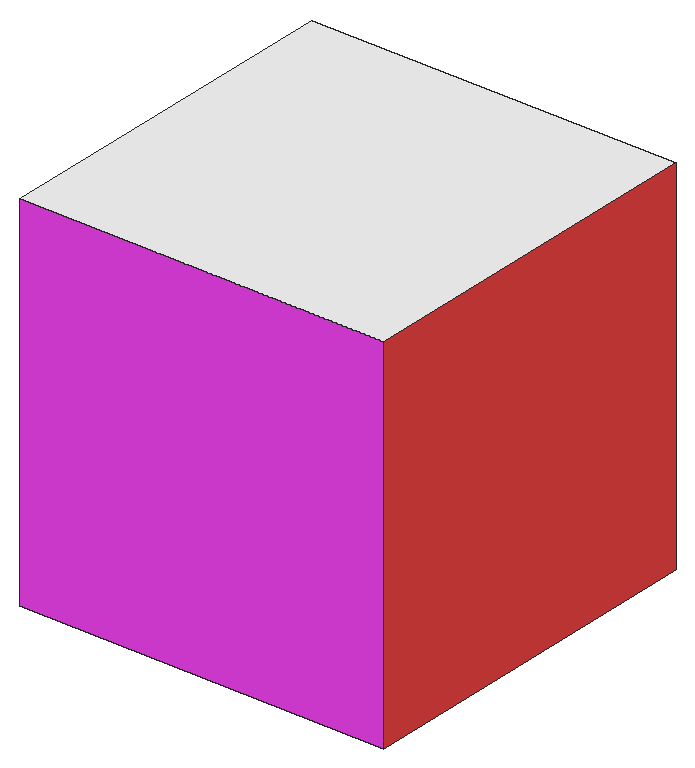
Revit family "Box2021", category Generic Models, Revit 2021
Family settings
  Can host rebar = No
  Round Connector Dimension = Use Diameter
  Part Type = Normal
  Work Plane-Based = No
  Always vertical = Yes
  Cut with Voids When Loaded = No
  Shared = No
  Room Calculation Point = No
Parameters
  Material = Color FFFFFF
  Default Elevation = 0 mm
Reference planes
  plane 1 "Center (Front/Back)": y = 0
  plane 2: z = 0
  plane 3 "Center (Left/Right)": x = 0
Forms (mm)
  Extrusion 1, solid, material "Color FFFFFF" <- "Material"
    sketch origin (0, 0, 0) x (1, 0, 0) y (0, 1, 0)
      loop
        line (0, 0) -> (250, 0) -> (250, 250) -> (0, 250) -> (0, 0)
    from 0 to 250
Lines and regions (mm)
  Split face 1
    outline origin (0, 0, 250) x (1, 0, 0) y (0, 1, 0)
      loop
        line (25, 225) -> (25, 25) -> (225, 25) -> (225, 225) -> (25, 225)
Dimensions and locks
  Extrusion 1 sketch curve to Extrusion 1 sketch curve = 250 mm  (x2)
  aligned and locked: level to plane 2
